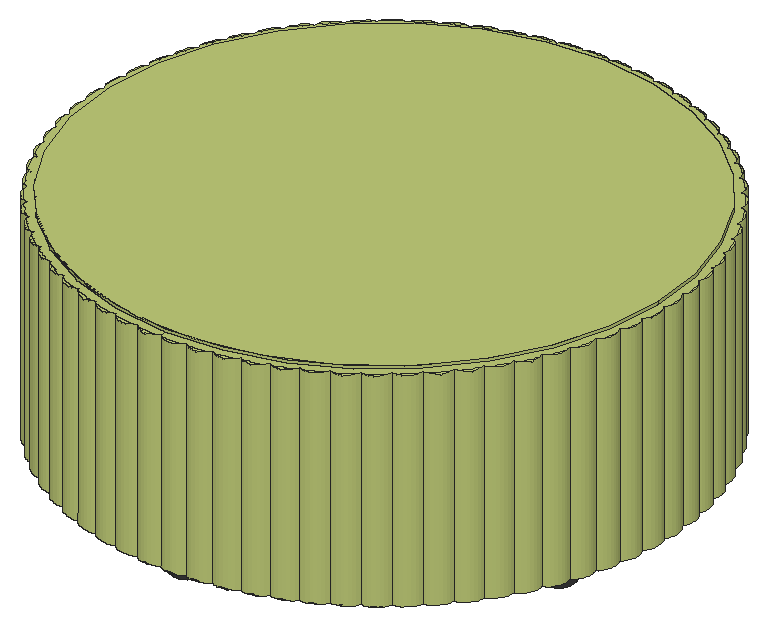
Revit family "Haworth_BuzziPouf_Round", category Furniture, Revit 2018
Family settings
  OmniClass Number = 23.40.70.14.64.21
  OmniClass Title = Systems Furniture
  Work Plane-Based = No
  Always vertical = Yes
  Cut with Voids When Loaded = No
  Shared = No
  Room Calculation Point = No
Parameters (values of type "HCBZ-PFPR-32")
  Warranty = "http://www.haworth.com/resources/product-info/warranties"
  Void Length = if(Flat, 3", 20")  # 20"
  Upholstery Finish [instance] = Haworth _ Fabric _ Trevira CS _ Pistache BCS-7009
  URL - Product = "https://www.haworth.com/products/seating/acoustic-seating/buzzipouf"
  URL = "http://www.haworth.com/our-brands/haworth-collection"
  Size = "Verify Final Dim. w/ Haworth"  # constant formula
  Revision Number = "1"  # constant formula
  Model = "HCBZ-PFPR"  # constant formula
  Manufacturer = "Haworth"  # constant formula
  Flat = not([3D])  # no
  Description = "Haworth BuzziPouf 3D Round Pouf"
  Base Finish = Haworth _ Paint _ Black BTR-9005
  Author = "Haworth (Abd Rahman)"  # constant formula
  Assembly Code = "E2020200"
  Actual Width = Actual Depth  # 36.60938"
  Actual Height = 14.96094"  # constant formula
  Actual Depth = if(Flat, 36.21875", 36.60938")  # 36.60938"
  3D = yes
Types (2): name | Void Length | Flat | Description | Actual Width | Actual Depth | 3D
  HCBZ-PFPR-F2 | 3" | yes | "Haworth BuzziPouf Flat Round Pouf" | 36.21875" | 36.21875" | no
  HCBZ-PFPR-32 | 20" | no | "Haworth BuzziPouf 3D Round Pouf" | 36.60938" | 36.60938" | yes
Reference planes (in)
  plane 1 "Center F/B": y = 1.75
  plane 2: z = 0
  plane 3 "Top": z = 14.96094
  plane 4: x = 22.46038
  plane 5 "Base": z = 0.75
  plane 6: z = 1.3149
  plane 7 "Void 2": z = 20.75
  plane 8 "Void 1": z = 0.75
  plane 9: x = 4.15569
  plane 10: x = 40.76506
  plane 11: y = 20.05469
  plane 12: y = -16.55469
  plane 13: z = 14.77448
Forms (in)
  Revolve 1, solid, material "Haworth _ Fabric _ Trevira CS _ Pistache BCS-7009" <- "Upholstery Finish"
    sketch origin (22.48341, 0.04996, 0) x (0, 1, 0) y (0, 0, 1)
      loop
        line (1.70004, 14.77448) -> (1.70004, 1.3149) -> (20.00324, 1.3149)
        arc (20.00324, 1.3149) -> (20.1662, 1.3824) -> (20.2337, 1.54536) r 0.23047
        line (20.2337, 1.54536) -> (20.2348, 14.54483)
        arc (20.2348, 14.54483) -> (20.16755, 14.70722) -> (20.00517, 14.77448) r 0.22963
        line (20.00517, 14.77448) -> (1.70004, 14.77448)
      axis (1.70004, 1.3149) -> (1.70004, 14.77448)
    angle from 0 to 360
  Extrusion 2, solid, material "Haworth _ Paint _ Black BTR-9005" <- "Base Finish"
    sketch origin (0, 0.03125, 0) x (1, 0, 0) y (0, 1, 0)
      loop
        circle (22.46038, 1.71875) r 16.94834
    from 0.75 to 1.3149
  Revolve 3, solid, material "Haworth _ Paint _ Black BTR-9005" <- "Base Finish"
    sketch origin (43.38256, -3.18226, 0) x (1, 0, 0) y (0, 0, 1)
      loop
        line (-36.19149, 0.75) -> (-36.19149, 0) -> (-35.57823, 0)
        arc (-35.57823, 0) -> (-35.15174, 0.25677) -> (-35.08433, 0.75) r 0.57641
        line (-35.08433, 0.75) -> (-36.19149, 0.75)
      axis (-36.19149, 0.75) -> (-36.19149, 0)
    angle from 0 to 360
  Revolve 4, solid, material "Haworth _ Paint _ Black BTR-9005" <- "Base Finish"
    sketch origin (1.53819, -3.15101, 0) x (-1, 0, 0) y (0, 0, -1)
      loop
        line (-36.19149, -0.75) -> (-35.08433, -0.75)
        arc (-35.08433, -0.75) -> (-35.15174, -0.25677) -> (-35.57823, 0) r 0.57641
        line (-35.57823, 0) -> (-36.19149, 0) -> (-36.19149, -0.75)
      axis (-36.19149, -0.75) -> (-36.19149, 0)
    angle from 0 to 360
  Revolve 5, solid, material "Haworth _ Paint _ Black BTR-9005" <- "Base Finish"
    sketch origin (58.65187, -14.26805, 0) x (1, 0, 0) y (0, 0, 1)
      loop
        line (-36.19149, 0.75) -> (-36.19149, 0) -> (-35.57823, 0)
        arc (-35.57823, 0) -> (-35.15174, 0.25677) -> (-35.08433, 0.75) r 0.57641
        line (-35.08433, 0.75) -> (-36.19149, 0.75)
      axis (-36.19149, 0.75) -> (-36.19149, 0)
    angle from 0 to 360
  Revolve 6, solid, material "Haworth _ Paint _ Black BTR-9005" <- "Base Finish"
    sketch origin (68.08901, 14.79072, 0) x (1, 0, 0) y (0, 0, 1)
      loop
        line (-36.19149, 0.75) -> (-36.19149, 0) -> (-35.57823, 0)
        arc (-35.57823, 0) -> (-35.15174, 0.25677) -> (-35.08433, 0.75) r 0.57641
        line (-35.08433, 0.75) -> (-36.19149, 0.75)
      axis (-36.19149, 0.75) -> (-36.19149, 0)
    angle from 0 to 360
  Revolve 7, solid, material "Haworth _ Paint _ Black BTR-9005" <- "Base Finish"
    sketch origin (-23.16825, 14.79072, 0) x (-1, 0, 0) y (0, 0, -1)
      loop
        line (-36.19149, -0.75) -> (-35.08433, -0.75)
        arc (-35.08433, -0.75) -> (-35.15174, -0.25677) -> (-35.57823, 0) r 0.57641
        line (-35.57823, 0) -> (-36.19149, 0) -> (-36.19149, -0.75)
      axis (-36.19149, -0.75) -> (-36.19149, 0)
    angle from 0 to 360
  Extrusion 8, void
    sketch origin (0, 0, 0) x (1, 0, 0) y (0, 1, 0)
      loop
        arc (22.46038, 19.91139) -> (21.65704, 20.19693) -> (20.88178, 19.84218) r 1.13416
        arc (20.88178, 19.84218) -> (20.05624, 20.05944) -> (19.31519, 19.63568) r 1.12708
        arc (19.31519, 19.63568) -> (18.474, 19.77221) -> (17.77484, 19.28498) r 1.13522
        arc (17.77484, 19.28498) -> (16.92375, 19.36206) -> (16.26645, 18.81592) r 1.11897
        arc (16.26645, 18.81592) -> (15.41301, 18.81341) -> (14.80565, 18.21384) r 1.12789
        arc (14.80565, 18.21384) -> (13.95997, 18.12628) -> (13.40544, 17.48182) r 1.15024
        arc (13.40544, 17.48182) -> (12.56754, 17.32785) -> (12.07124, 16.63541) r 1.13814
        arc (12.07124, 16.63541) -> (11.24827, 16.41) -> (10.81778, 15.67328) r 1.12955
        arc (10.81778, 15.67328) -> (10.02055, 15.37399) -> (9.65245, 14.6061) r 1.14125
        arc (9.65245, 14.6061) -> (8.88387, 14.23868) -> (8.58507, 13.44092) r 1.1391
        arc (8.58507, 13.44092) -> (7.8439, 13.01306) -> (7.6256, 12.18557) r 1.1129
        arc (7.6256, 12.18557) -> (6.92876, 11.69288) -> (6.77673, 10.8531) r 1.12748
        arc (6.77673, 10.8531) -> (6.11838, 10.30588) -> (6.04448, 9.45299) r 1.11115
        arc (6.04448, 9.45299) -> (5.44605, 8.84511) -> (5.44261, 7.99209) r 1.13074
        arc (5.44261, 7.99209) -> (4.89837, 7.33421) -> (4.97356, 6.4837) r 1.12382
        arc (4.97356, 6.4837) -> (4.48281, 5.78539) -> (4.62261, 4.9434) r 1.12645
        arc (4.62261, 4.9434) -> (4.20093, 4.20197) -> (4.41661, 3.37674) r 1.13172
        arc (4.41661, 3.37674) -> (4.07373, 2.58251) -> (4.30887, 1.75) r 1.29189
        arc (4.30887, 1.75) -> (4.07373, 0.91749) -> (4.41661, 0.12326) r 1.29189
        arc (4.41661, 0.12326) -> (4.20093, -0.70197) -> (4.62261, -1.4434) r 1.13172
        arc (4.62261, -1.4434) -> (4.48281, -2.28539) -> (4.97356, -2.9837) r 1.12645
        arc (4.97356, -2.9837) -> (4.89837, -3.83421) -> (5.44261, -4.49209) r 1.12382
        arc (5.44261, -4.49209) -> (5.44605, -5.34511) -> (6.04448, -5.95299) r 1.13074
        arc (6.04448, -5.95299) -> (6.11838, -6.80588) -> (6.77673, -7.3531) r 1.11115
        arc (6.77673, -7.3531) -> (6.92876, -8.19288) -> (7.6256, -8.68557) r 1.12748
        arc (7.6256, -8.68557) -> (7.8439, -9.51306) -> (8.58507, -9.94092) r 1.1129
        arc (8.58507, -9.94092) -> (8.88387, -10.73868) -> (9.65245, -11.1061) r 1.1391
        arc (9.65245, -11.1061) -> (10.02055, -11.87399) -> (10.81778, -12.17328) r 1.14125
        arc (10.81778, -12.17328) -> (11.24827, -12.91) -> (12.07124, -13.13541) r 1.12955
        arc (12.07124, -13.13541) -> (12.56754, -13.82785) -> (13.40544, -13.98182) r 1.13814
        arc (13.40544, -13.98182) -> (13.95997, -14.62628) -> (14.80565, -14.71384) r 1.15024
        arc (14.80565, -14.71384) -> (15.41301, -15.31341) -> (16.26645, -15.31592) r 1.12789
        arc (16.26645, -15.31592) -> (16.92375, -15.86206) -> (17.77484, -15.78498) r 1.11897
        arc (17.77484, -15.78498) -> (18.474, -16.27221) -> (19.31519, -16.13568) r 1.13522
        arc (19.31519, -16.13568) -> (20.05624, -16.55944) -> (20.88178, -16.34218) r 1.12708
        arc (20.88178, -16.34218) -> (21.65704, -16.69693) -> (22.46038, -16.41139) r 1.13416
        arc (22.46038, -16.41139) -> (23.26371, -16.69693) -> (24.03897, -16.34218) r 1.13416
        arc (24.03897, -16.34218) -> (24.86452, -16.55944) -> (25.60557, -16.13568) r 1.12708
        arc (25.60557, -16.13568) -> (26.44675, -16.27221) -> (27.14591, -15.78498) r 1.13522
        arc (27.14591, -15.78498) -> (27.99701, -15.86206) -> (28.6543, -15.31592) r 1.11897
        arc (28.6543, -15.31592) -> (29.50774, -15.31341) -> (30.1151, -14.71384) r 1.12789
        arc (30.1151, -14.71384) -> (30.96078, -14.62628) -> (31.51531, -13.98182) r 1.15024
        arc (31.51531, -13.98182) -> (32.35321, -13.82785) -> (32.84951, -13.13541) r 1.13814
        arc (32.84951, -13.13541) -> (33.67248, -12.91) -> (34.10297, -12.17328) r 1.12955
        arc (34.10297, -12.17328) -> (34.90021, -11.87399) -> (35.26831, -11.1061) r 1.14125
        arc (35.26831, -11.1061) -> (36.03688, -10.73868) -> (36.33568, -9.94092) r 1.1391
        arc (36.33568, -9.94092) -> (37.07685, -9.51306) -> (37.29515, -8.68557) r 1.1129
        arc (37.29515, -8.68557) -> (37.992, -8.19288) -> (38.14402, -7.3531) r 1.12748
        arc (38.14402, -7.3531) -> (38.80238, -6.80588) -> (38.87627, -5.95299) r 1.11115
        arc (38.87627, -5.95299) -> (39.47471, -5.34511) -> (39.47814, -4.49209) r 1.13074
        arc (39.47814, -4.49209) -> (40.02238, -3.83421) -> (39.94719, -2.9837) r 1.12382
        arc (39.94719, -2.9837) -> (40.43794, -2.28539) -> (40.29814, -1.4434) r 1.12645
        arc (40.29814, -1.4434) -> (40.71983, -0.70197) -> (40.50414, 0.12326) r 1.13172
        arc (40.50414, 0.12326) -> (40.84702, 0.91749) -> (40.61188, 1.75) r 1.29189
        arc (40.61188, 1.75) -> (40.84702, 2.58251) -> (40.50414, 3.37674) r 1.29189
        arc (40.50414, 3.37674) -> (40.71983, 4.20197) -> (40.29814, 4.9434) r 1.13172
        arc (40.29814, 4.9434) -> (40.43794, 5.78539) -> (39.94719, 6.4837) r 1.12645
        arc (39.94719, 6.4837) -> (40.02238, 7.33421) -> (39.47814, 7.99209) r 1.12382
        arc (39.47814, 7.99209) -> (39.47471, 8.84511) -> (38.87627, 9.45299) r 1.13074
        arc (38.87627, 9.45299) -> (38.80238, 10.30588) -> (38.14402, 10.8531) r 1.11115
        arc (38.14402, 10.8531) -> (37.992, 11.69288) -> (37.29515, 12.18557) r 1.12748
        arc (37.29515, 12.18557) -> (37.07685, 13.01306) -> (36.33568, 13.44092) r 1.1129
        arc (36.33568, 13.44092) -> (36.03688, 14.23868) -> (35.26831, 14.6061) r 1.1391
        arc (35.26831, 14.6061) -> (34.90021, 15.37399) -> (34.10297, 15.67328) r 1.14125
        arc (34.10297, 15.67328) -> (33.67248, 16.41) -> (32.84951, 16.63541) r 1.12955
        arc (32.84951, 16.63541) -> (32.35321, 17.32785) -> (31.51531, 17.48182) r 1.13814
        arc (31.51531, 17.48182) -> (30.96078, 18.12628) -> (30.1151, 18.21384) r 1.15024
        arc (30.1151, 18.21384) -> (29.50774, 18.81341) -> (28.6543, 18.81592) r 1.12789
        arc (28.6543, 18.81592) -> (27.99701, 19.36206) -> (27.14591, 19.28498) r 1.11897
        arc (27.14591, 19.28498) -> (26.44675, 19.77221) -> (25.60557, 19.63568) r 1.13522
        arc (25.60557, 19.63568) -> (24.86452, 20.05944) -> (24.03897, 19.84218) r 1.12708
        arc (24.03897, 19.84218) -> (23.26371, 20.19693) -> (22.46038, 19.91139) r 1.13416
      loop
        line (1.28873, 23.77414) -> (1.28873, -20.22586) -> (45.28873, -20.22586) -> (45.28873, 23.77414) -> (1.28873, 23.77414)
    from 0.75 to 20.75
  Extrusion 9, solid, material "Haworth _ Fabric _ Trevira CS _ Pistache BCS-7009" <- "Upholstery Finish"
    sketch origin (0, 0, 0) x (1, 0, 0) y (0, 1, 0)
      loop
        circle (22.46038, 1.75) r 17.77691
    from 14.77448 to 14.96094
Cuts and joins
  Extrusion 8 cuts Revolve 1
Lines and regions (in)
  Masking region 1
    outline origin (0, 0, 0) x (1, 0, 0) y (0, 1, 0)
      loop
        circle (22.46038, 1.75) r 18.1524
  symbolic lines, visible <- "3D"
    curve 1: arc (20.88178, 19.84218, 0) -> (21.65704, 20.19693, 0) -> (22.46038, 19.91139, 0) r 1.13416
    curve 2: arc (19.31519, 19.63568, 0) -> (20.05624, 20.05944, 0) -> (20.88178, 19.84218, 0) r 1.12708
    curve 3: arc (17.77484, 19.28498, 0) -> (18.474, 19.77221, 0) -> (19.31519, 19.63568, 0) r 1.13522
    curve 4: arc (16.26645, 18.81592, 0) -> (16.92375, 19.36206, 0) -> (17.77484, 19.28498, 0) r 1.11897
    curve 5: arc (22.46038, 19.91139, 0) -> (23.26371, 20.19693, 0) -> (24.03897, 19.84218, 0) r 1.13416
    curve 6: arc (24.03897, 19.84218, 0) -> (24.86452, 20.05944, 0) -> (25.60557, 19.63568, 0) r 1.12708
    curve 7: arc (25.60557, 19.63568, 0) -> (26.44675, 19.77221, 0) -> (27.14591, 19.28498, 0) r 1.13522
    curve 8: arc (27.14591, 19.28498, 0) -> (27.99701, 19.36206, 0) -> (28.6543, 18.81592, 0) r 1.11897
    curve 9: arc (28.6543, 18.81592, 0) -> (29.50774, 18.81341, 0) -> (30.1151, 18.21384, 0) r 1.12789
    curve 10: arc (14.80565, 18.21384, 0) -> (15.41301, 18.81341, 0) -> (16.26645, 18.81592, 0) r 1.12789
    curve 11: arc (13.40544, 17.48182, 0) -> (13.95997, 18.12628, 0) -> (14.80565, 18.21384, 0) r 1.15024
    curve 12: arc (12.07124, 16.63541, 0) -> (12.56754, 17.32785, 0) -> (13.40544, 17.48182, 0) r 1.13814
    curve 13: arc (10.81778, 15.67328, 0) -> (11.24827, 16.41, 0) -> (12.07124, 16.63541, 0) r 1.12955
    curve 14: arc (9.65245, 14.6061, 0) -> (10.02055, 15.37399, 0) -> (10.81778, 15.67328, 0) r 1.14125
    curve 15: arc (8.58507, 13.44092, 0) -> (8.88387, 14.23868, 0) -> (9.65245, 14.6061, 0) r 1.1391
    curve 16: arc (7.6256, 12.18557, 0) -> (7.8439, 13.01306, 0) -> (8.58507, 13.44092, 0) r 1.1129
    curve 17: arc (30.1151, 18.21384, 0) -> (30.96078, 18.12628, 0) -> (31.51531, 17.48182, 0) r 1.15024
    curve 18: arc (31.51531, 17.48182, 0) -> (32.35321, 17.32785, 0) -> (32.84951, 16.63541, 0) r 1.13814
    curve 19: arc (32.84951, 16.63541, 0) -> (33.67248, 16.41, 0) -> (34.10297, 15.67328, 0) r 1.12955
    curve 20: arc (34.10297, 15.67328, 0) -> (34.90021, 15.37399, 0) -> (35.26831, 14.6061, 0) r 1.14125
    curve 21: arc (35.26831, 14.6061, 0) -> (36.03688, 14.23868, 0) -> (36.33568, 13.44092, 0) r 1.1391
    curve 22: arc (36.33568, 13.44092, 0) -> (37.07685, 13.01306, 0) -> (37.29515, 12.18557, 0) r 1.1129
    curve 23: arc (37.29515, 12.18557, 0) -> (37.992, 11.69288, 0) -> (38.14402, 10.8531, 0) r 1.12748
    curve 24: arc (38.14402, 10.8531, 0) -> (38.80238, 10.30588, 0) -> (38.87627, 9.45299, 0) r 1.11115
    curve 25: arc (38.87627, 9.45299, 0) -> (39.47471, 8.84511, 0) -> (39.47814, 7.99209, 0) r 1.13074
    curve 26: arc (39.47814, 7.99209, 0) -> (40.02238, 7.33421, 0) -> (39.94719, 6.4837, 0) r 1.12382
    curve 27: arc (39.94719, 6.4837, 0) -> (40.43794, 5.78539, 0) -> (40.29814, 4.9434, 0) r 1.12645
    curve 28: arc (40.29814, 4.9434, 0) -> (40.71983, 4.20197, 0) -> (40.50414, 3.37674, 0) r 1.13172
    curve 29: arc (40.50414, 3.37674, 0) -> (40.84702, 2.58251, 0) -> (40.61188, 1.75, 0) r 1.29189
    curve 30: arc (4.30887, 1.75, 0) -> (4.07373, 2.58251, 0) -> (4.41661, 3.37674, 0) r 1.29189
    curve 31: arc (4.41661, 3.37674, 0) -> (4.20093, 4.20197, 0) -> (4.62261, 4.9434, 0) r 1.13172
    curve 32: arc (4.62261, 4.9434, 0) -> (4.48281, 5.78539, 0) -> (4.97356, 6.4837, 0) r 1.12645
    curve 33: arc (4.97356, 6.4837, 0) -> (4.89837, 7.33421, 0) -> (5.44261, 7.99209, 0) r 1.12382
    curve 34: arc (5.44261, 7.99209, 0) -> (5.44605, 8.84511, 0) -> (6.04448, 9.45299, 0) r 1.13074
    curve 35: arc (6.04448, 9.45299, 0) -> (6.11838, 10.30588, 0) -> (6.77673, 10.8531, 0) r 1.11115
    curve 36: arc (6.77673, 10.8531, 0) -> (6.92876, 11.69288, 0) -> (7.6256, 12.18557, 0) r 1.12748
    curve 37: arc (4.41661, 0.12326, 0) -> (4.07373, 0.91749, 0) -> (4.30887, 1.75, 0) r 1.29189
    curve 38: arc (4.62261, -1.4434, 0) -> (4.20093, -0.70197, 0) -> (4.41661, 0.12326, 0) r 1.13172
    curve 39: arc (4.97356, -2.9837, 0) -> (4.48281, -2.28539, 0) -> (4.62261, -1.4434, 0) r 1.12645
    curve 40: arc (5.44261, -4.49209, 0) -> (4.89837, -3.83421, 0) -> (4.97356, -2.9837, 0) r 1.12382
    curve 41: arc (6.04448, -5.95299, 0) -> (5.44605, -5.34511, 0) -> (5.44261, -4.49209, 0) r 1.13074
    curve 42: arc (6.77673, -7.3531, 0) -> (6.11838, -6.80588, 0) -> (6.04448, -5.95299, 0) r 1.11115
    curve 43: arc (7.6256, -8.68557, 0) -> (6.92876, -8.19288, 0) -> (6.77673, -7.3531, 0) r 1.12748
    curve 44: arc (8.58507, -9.94092, 0) -> (7.8439, -9.51306, 0) -> (7.6256, -8.68557, 0) r 1.1129
    curve 45: arc (9.65245, -11.1061, 0) -> (8.88387, -10.73868, 0) -> (8.58507, -9.94092, 0) r 1.1391
    curve 46: arc (10.81778, -12.17328, 0) -> (10.02055, -11.87399, 0) -> (9.65245, -11.1061, 0) r 1.14125
    curve 47: arc (12.07124, -13.13541, 0) -> (11.24827, -12.91, 0) -> (10.81778, -12.17328, 0) r 1.12955
    curve 48: arc (13.40544, -13.98182, 0) -> (12.56754, -13.82785, 0) -> (12.07124, -13.13541, 0) r 1.13814
    curve 49: arc (14.80565, -14.71384, 0) -> (13.95997, -14.62628, 0) -> (13.40544, -13.98182, 0) r 1.15024
    curve 50: arc (16.26645, -15.31592, 0) -> (15.41301, -15.31341, 0) -> (14.80565, -14.71384, 0) r 1.12789
    curve 51: arc (17.77484, -15.78498, 0) -> (16.92375, -15.86206, 0) -> (16.26645, -15.31592, 0) r 1.11897
    curve 52: arc (19.31519, -16.13568, 0) -> (18.474, -16.27221, 0) -> (17.77484, -15.78498, 0) r 1.13522
    curve 53: arc (20.88178, -16.34218, 0) -> (20.05624, -16.55944, 0) -> (19.31519, -16.13568, 0) r 1.12708
    curve 54: arc (22.46038, -16.41139, 0) -> (21.65704, -16.69693, 0) -> (20.88178, -16.34218, 0) r 1.13416
    curve 55: arc (24.03897, -16.34218, 0) -> (23.26371, -16.69693, 0) -> (22.46038, -16.41139, 0) r 1.13416
    curve 56: arc (25.60557, -16.13568, 0) -> (24.86452, -16.55944, 0) -> (24.03897, -16.34218, 0) r 1.12708
    curve 57: arc (27.14591, -15.78498, 0) -> (26.44675, -16.27221, 0) -> (25.60557, -16.13568, 0) r 1.13522
    curve 58: arc (28.6543, -15.31592, 0) -> (27.99701, -15.86206, 0) -> (27.14591, -15.78498, 0) r 1.11897
    curve 59: arc (30.1151, -14.71384, 0) -> (29.50774, -15.31341, 0) -> (28.6543, -15.31592, 0) r 1.12789
    curve 60: arc (31.51531, -13.98182, 0) -> (30.96078, -14.62628, 0) -> (30.1151, -14.71384, 0) r 1.15024
    curve 61: arc (32.84951, -13.13541, 0) -> (32.35321, -13.82785, 0) -> (31.51531, -13.98182, 0) r 1.13814
    curve 62: arc (34.10297, -12.17328, 0) -> (33.67248, -12.91, 0) -> (32.84951, -13.13541, 0) r 1.12955
    curve 63: arc (35.26831, -11.1061, 0) -> (34.90021, -11.87399, 0) -> (34.10297, -12.17328, 0) r 1.14125
    curve 64: arc (36.33568, -9.94092, 0) -> (36.03688, -10.73868, 0) -> (35.26831, -11.1061, 0) r 1.1391
    curve 65: arc (37.29515, -8.68557, 0) -> (37.07685, -9.51306, 0) -> (36.33568, -9.94092, 0) r 1.1129
    curve 66: arc (38.14402, -7.3531, 0) -> (37.992, -8.19288, 0) -> (37.29515, -8.68557, 0) r 1.12748
    curve 67: arc (38.87627, -5.95299, 0) -> (38.80238, -6.80588, 0) -> (38.14402, -7.3531, 0) r 1.11115
    curve 68: arc (39.47814, -4.49209, 0) -> (39.47471, -5.34511, 0) -> (38.87627, -5.95299, 0) r 1.13074
    curve 69: arc (39.94719, -2.9837, 0) -> (40.02238, -3.83421, 0) -> (39.47814, -4.49209, 0) r 1.12382
    curve 70: arc (40.29814, -1.4434, 0) -> (40.43794, -2.28539, 0) -> (39.94719, -2.9837, 0) r 1.12645
    curve 71: arc (40.50414, 0.12326, 0) -> (40.71983, -0.70197, 0) -> (40.29814, -1.4434, 0) r 1.13172
    curve 72: arc (40.61188, 1.75, 0) -> (40.84702, 0.91749, 0) -> (40.50414, 0.12326, 0) r 1.29189
Dimensions and locks (in)
  "Actual Height": plane 3 "Top" to level
  "Void Length": plane 7 "Void 2" to plane 8 "Void 1"
  plane 11 to plane 1 "Center F/B" to plane 12 = 18.30469", 18.30469"
  "Actual Depth": plane 11 to plane 12
  plane 9 to plane 4 to plane 10 = 18.30469", 18.30469"
  "Actual Width": plane 9 to plane 10
  locked: plane 3 "Top" to plane 13 at 0.18646
  plane 6 to plane 5 "Base" to plane 2 = 0.5649" locked, 0.75" locked
  aligned and locked: Revolve 1 sketch curve to plane 6
  aligned and locked: Revolve 1 sketch curve to Revolve 1 sketch curve
  aligned and locked: Extrusion 2 to plane 5 "Base"
  aligned and locked: Extrusion 2 to plane 6
  aligned and locked: plane 3 "Top" to Revolve 1 sketch curve
  aligned and locked: Extrusion 8 to plane 7 "Void 2"
  aligned and locked: Extrusion 8 to plane 8 "Void 1"
  aligned and locked: plane 13 to Revolve 1 sketch curve
  aligned and locked: plane 3 "Top" to Extrusion 9
  aligned and locked: Extrusion 9 to cut or joined group of Revolve 1, Extrusion 8
  aligned and locked: Extrusion 9 to plane 3 "Top"
  aligned and locked: plane 13 to Extrusion 9
  aligned and locked: plane 4 to Extrusion 9 sketch curve
  aligned and locked: plane 1 "Center F/B" to Extrusion 9 sketch curve
  aligned and locked: plane 4 to Extrusion 2 sketch curve
  aligned and locked: plane 1 "Center F/B" to Extrusion 2 sketch curve
  aligned and locked: curve 1 to cut or joined group of Revolve 1, Extrusion 8
  aligned and locked: curve 2 to cut or joined group of Revolve 1, Extrusion 8
  aligned and locked: curve 3 to cut or joined group of Revolve 1, Extrusion 8
  aligned and locked: curve 4 to cut or joined group of Revolve 1, Extrusion 8
  aligned and locked: curve 5 to cut or joined group of Revolve 1, Extrusion 8
  aligned and locked: curve 6 to cut or joined group of Revolve 1, Extrusion 8
  aligned and locked: curve 7 to cut or joined group of Revolve 1, Extrusion 8
  aligned and locked: curve 8 to cut or joined group of Revolve 1, Extrusion 8
  aligned and locked: curve 9 to cut or joined group of Revolve 1, Extrusion 8
  aligned and locked: curve 10 to cut or joined group of Revolve 1, Extrusion 8
  aligned and locked: curve 11 to cut or joined group of Revolve 1, Extrusion 8
  aligned and locked: curve 12 to cut or joined group of Revolve 1, Extrusion 8
  aligned and locked: curve 13 to cut or joined group of Revolve 1, Extrusion 8
  aligned and locked: curve 14 to cut or joined group of Revolve 1, Extrusion 8
  aligned and locked: curve 15 to cut or joined group of Revolve 1, Extrusion 8
  aligned and locked: curve 16 to cut or joined group of Revolve 1, Extrusion 8
  aligned and locked: curve 17 to cut or joined group of Revolve 1, Extrusion 8
  aligned and locked: curve 18 to cut or joined group of Revolve 1, Extrusion 8
  aligned and locked: curve 19 to cut or joined group of Revolve 1, Extrusion 8
  aligned and locked: curve 20 to cut or joined group of Revolve 1, Extrusion 8
  aligned and locked: curve 21 to cut or joined group of Revolve 1, Extrusion 8
  aligned and locked: curve 22 to cut or joined group of Revolve 1, Extrusion 8
  aligned and locked: curve 23 to cut or joined group of Revolve 1, Extrusion 8
  aligned and locked: curve 24 to cut or joined group of Revolve 1, Extrusion 8
  aligned and locked: curve 25 to cut or joined group of Revolve 1, Extrusion 8
  aligned and locked: curve 26 to cut or joined group of Revolve 1, Extrusion 8
  aligned and locked: curve 27 to cut or joined group of Revolve 1, Extrusion 8
  aligned and locked: curve 28 to cut or joined group of Revolve 1, Extrusion 8
  aligned and locked: curve 29 to cut or joined group of Revolve 1, Extrusion 8
  aligned and locked: curve 30 to cut or joined group of Revolve 1, Extrusion 8
  aligned and locked: curve 31 to cut or joined group of Revolve 1, Extrusion 8
  aligned and locked: curve 32 to cut or joined group of Revolve 1, Extrusion 8
  aligned and locked: curve 33 to cut or joined group of Revolve 1, Extrusion 8
  aligned and locked: curve 34 to cut or joined group of Revolve 1, Extrusion 8
  aligned and locked: curve 35 to cut or joined group of Revolve 1, Extrusion 8
  aligned and locked: curve 36 to cut or joined group of Revolve 1, Extrusion 8
  aligned and locked: curve 37 to cut or joined group of Revolve 1, Extrusion 8
  aligned and locked: curve 38 to cut or joined group of Revolve 1, Extrusion 8
  aligned and locked: curve 39 to cut or joined group of Revolve 1, Extrusion 8
  aligned and locked: curve 40 to cut or joined group of Revolve 1, Extrusion 8
  aligned and locked: curve 41 to cut or joined group of Revolve 1, Extrusion 8
  aligned and locked: curve 42 to cut or joined group of Revolve 1, Extrusion 8
  aligned and locked: curve 43 to cut or joined group of Revolve 1, Extrusion 8
  aligned and locked: curve 44 to cut or joined group of Revolve 1, Extrusion 8
  aligned and locked: curve 45 to cut or joined group of Revolve 1, Extrusion 8
  aligned and locked: curve 46 to cut or joined group of Revolve 1, Extrusion 8
  aligned and locked: curve 47 to cut or joined group of Revolve 1, Extrusion 8
  aligned and locked: curve 48 to cut or joined group of Revolve 1, Extrusion 8
  aligned and locked: curve 49 to cut or joined group of Revolve 1, Extrusion 8
  aligned and locked: curve 50 to cut or joined group of Revolve 1, Extrusion 8
  aligned and locked: curve 51 to cut or joined group of Revolve 1, Extrusion 8
  aligned and locked: curve 52 to cut or joined group of Revolve 1, Extrusion 8
  aligned and locked: curve 53 to cut or joined group of Revolve 1, Extrusion 8
  aligned and locked: curve 54 to cut or joined group of Revolve 1, Extrusion 8
  aligned and locked: curve 55 to cut or joined group of Revolve 1, Extrusion 8
  aligned and locked: curve 56 to cut or joined group of Revolve 1, Extrusion 8
  aligned and locked: curve 57 to cut or joined group of Revolve 1, Extrusion 8
  aligned and locked: curve 58 to cut or joined group of Revolve 1, Extrusion 8
  aligned and locked: curve 59 to cut or joined group of Revolve 1, Extrusion 8
  aligned and locked: curve 60 to cut or joined group of Revolve 1, Extrusion 8
  aligned and locked: curve 61 to cut or joined group of Revolve 1, Extrusion 8
  aligned and locked: curve 62 to cut or joined group of Revolve 1, Extrusion 8
  aligned and locked: curve 63 to cut or joined group of Revolve 1, Extrusion 8
  aligned and locked: curve 64 to cut or joined group of Revolve 1, Extrusion 8
  aligned and locked: curve 65 to cut or joined group of Revolve 1, Extrusion 8
  aligned and locked: curve 66 to cut or joined group of Revolve 1, Extrusion 8
  aligned and locked: curve 67 to cut or joined group of Revolve 1, Extrusion 8
  aligned and locked: curve 68 to cut or joined group of Revolve 1, Extrusion 8
  aligned and locked: curve 69 to cut or joined group of Revolve 1, Extrusion 8
  aligned and locked: curve 70 to cut or joined group of Revolve 1, Extrusion 8
  aligned and locked: curve 71 to cut or joined group of Revolve 1, Extrusion 8
  aligned and locked: curve 72 to cut or joined group of Revolve 1, Extrusion 8
Automatic sketch dimensions
  Revolve 1 sketch curve to plane 1 "Center F/B" = 0"
  plane 6 to Revolve 1 sketch curve = 0"
  Revolve 1 sketch curve to Revolve 1 sketch curve = 0.22963"
  plane 6 to Revolve 1 sketch curve = 0.23045"
  plane 3 "Top" to Revolve 1 sketch curve = 0.41611"
  Revolve 3 sketch curve to plane 5 "Base" = 0"  (x2)
  Revolve 3 sketch curve to level = 0"  (x2)
  Revolve 3 sketch curve to plane 5 "Base" = 0.17621"
  Revolve 3 sketch curve to Revolve 3 sketch curve = 0.55835"
  Revolve 3 sketch curve to Revolve 3 sketch curve = 0.05492"
  Revolve 3 sketch curve to Revolve 3 sketch curve = 0"
  Revolve 4 sketch curve to plane 5 "Base" = 0"  (x2)
  Revolve 4 sketch curve to level = 0"  (x2)
  Revolve 4 sketch curve to plane 5 "Base" = 0.17621"
  Revolve 4 sketch curve to Revolve 4 sketch curve = 0.55835"
  Revolve 4 sketch curve to Revolve 4 sketch curve = 0.05492"
  Revolve 4 sketch curve to Revolve 4 sketch curve = 0"
  Revolve 5 sketch curve to plane 5 "Base" = 0"  (x2)
  Revolve 5 sketch curve to level = 0"  (x2)
  Revolve 5 sketch curve to plane 4 = 0"
  Revolve 5 sketch curve to plane 5 "Base" = 0.17621"
  Revolve 5 sketch curve to Revolve 5 sketch curve = 0.55835"
  Revolve 5 sketch curve to Revolve 5 sketch curve = 0.05492"
  Revolve 5 sketch curve to Revolve 5 sketch curve = 0"
  Revolve 6 sketch curve to plane 5 "Base" = 0"  (x2)
  Revolve 6 sketch curve to level = 0"  (x2)
  Revolve 6 sketch curve to plane 5 "Base" = 0.17621"
  Revolve 6 sketch curve to Revolve 6 sketch curve = 0.55835"
  Revolve 6 sketch curve to Revolve 6 sketch curve = 0.05492"
  Revolve 6 sketch curve to Revolve 6 sketch curve = 0"
  Revolve 7 sketch curve to plane 5 "Base" = 0"  (x2)
  Revolve 7 sketch curve to level = 0"  (x2)
  Revolve 7 sketch curve to plane 5 "Base" = 0.17621"
  Revolve 7 sketch curve to Revolve 7 sketch curve = 0.55835"
  Revolve 7 sketch curve to Revolve 7 sketch curve = 0.05492"
  Revolve 7 sketch curve to Revolve 7 sketch curve = 0"
  plane 1 "Center F/B" to Extrusion 8 sketch curve = 0"  (x2)
  Extrusion 8 sketch curve to plane 4 = 0"  (x2)
  plane 4 to Extrusion 8 sketch curve = 0.75366"  (x2)
  Extrusion 8 sketch curve to Extrusion 8 sketch curve = 1.50319"  (x4)
  Extrusion 8 sketch curve to Extrusion 8 sketch curve = 1.47751"  (x4)
  Extrusion 8 sketch curve to Extrusion 8 sketch curve = 1.47001"  (x4)
  Extrusion 8 sketch curve to Extrusion 8 sketch curve = 1.4132"  (x4)
  Extrusion 8 sketch curve to Extrusion 8 sketch curve = 1.34994"  (x4)
  Extrusion 8 sketch curve to Extrusion 8 sketch curve = 1.31565"  (x4)
  Extrusion 8 sketch curve to Extrusion 8 sketch curve = 1.24119"  (x4)
  Extrusion 8 sketch curve to Extrusion 8 sketch curve = 1.14474"  (x4)
  Extrusion 8 sketch curve to Extrusion 8 sketch curve = 1.06748"  (x4)
  Extrusion 8 sketch curve to Extrusion 8 sketch curve = 0.99571"  (x4)
  Extrusion 8 sketch curve to Extrusion 8 sketch curve = 0.84845"  (x4)
  Extrusion 8 sketch curve to Extrusion 8 sketch curve = 0.77667"  (x4)
  Extrusion 8 sketch curve to Extrusion 8 sketch curve = 0.61146"  (x4)
  Extrusion 8 sketch curve to Extrusion 8 sketch curve = 0.52003"  (x4)
  plane 1 "Center F/B" to Extrusion 8 sketch curve = 0.74714"  (x2)
  Extrusion 8 sketch curve to plane 4 = 0.75366"  (x2)
  Extrusion 8 sketch curve to Extrusion 8 sketch curve = 0.37176"  (x4)
  Extrusion 8 sketch curve to Extrusion 8 sketch curve = 0.52295"  (x4)
  Extrusion 8 sketch curve to Extrusion 8 sketch curve = 0.66368"  (x4)
  Extrusion 8 sketch curve to Extrusion 8 sketch curve = 0.74015"  (x4)
  Extrusion 8 sketch curve to Extrusion 8 sketch curve = 0.85281"  (x4)
  Extrusion 8 sketch curve to Extrusion 8 sketch curve = 0.98164"  (x4)
  Extrusion 8 sketch curve to Extrusion 8 sketch curve = 1.06311"  (x4)
  Extrusion 8 sketch curve to Extrusion 8 sketch curve = 1.13198"  (x4)
  Extrusion 8 sketch curve to Extrusion 8 sketch curve = 1.25017"  (x4)
  Extrusion 8 sketch curve to Extrusion 8 sketch curve = 1.29616"  (x4)
  Extrusion 8 sketch curve to Extrusion 8 sketch curve = 1.37654"  (x4)
  Extrusion 8 sketch curve to Extrusion 8 sketch curve = 1.41388"  (x4)
  Extrusion 8 sketch curve to Extrusion 8 sketch curve = 1.46536"  (x4)
  Extrusion 8 sketch curve to Extrusion 8 sketch curve = 1.48071"  (x4)
  Extrusion 8 sketch curve to plane 1 "Center F/B" = 0.74714"  (x2)
  Extrusion 8 sketch curve to Extrusion 8 sketch curve = 1.5573"  (x4)
  Extrusion 8 sketch curve to Extrusion 8 sketch curve = 0.67825"  (x4)
  Extrusion 8 sketch curve to Extrusion 8 sketch curve = 0.98956"  (x4)
  Extrusion 8 sketch curve to Extrusion 8 sketch curve = 1.03716"  (x4)
  Extrusion 8 sketch curve to Extrusion 8 sketch curve = 0.22821"  (x4)
  Extrusion 8 sketch curve to Extrusion 8 sketch curve = 0.1352"  (x4)
  Extrusion 8 sketch curve to Extrusion 8 sketch curve = 1.11826"  (x4)
  Extrusion 8 sketch curve to Extrusion 8 sketch curve = 0.07138"  (x4)
  Extrusion 8 sketch curve to Extrusion 8 sketch curve = 0.14305"  (x4)
  Extrusion 8 sketch curve to Extrusion 8 sketch curve = 1.10251"  (x4)
  Extrusion 8 sketch curve to Extrusion 8 sketch curve = 0.32627"  (x4)
  Extrusion 8 sketch curve to Extrusion 8 sketch curve = 1.05852"  (x4)
  Extrusion 8 sketch curve to Extrusion 8 sketch curve = 0.52889"  (x4)
  plane 4 to Revolve 3 sketch curve = 15.26931"
  plane 4 to Revolve 7 sketch curve = 9.43714"
  Extrusion 8 sketch curve to Extrusion 8 sketch curve = 0.60871"
  Extrusion 8 sketch curve to Extrusion 8 sketch curve = 0"  (x4)
  Extrusion 8 sketch curve to Extrusion 8 sketch curve = 0.0398"  (x2)
  Extrusion 8 sketch curve to Extrusion 8 sketch curve = 8.36372"
  Extrusion 8 sketch curve to Extrusion 8 sketch curve = 0.25812"  (x4)
  Extrusion 8 sketch curve to Extrusion 8 sketch curve = 0.99795"  (x4)
  Extrusion 8 sketch curve to Extrusion 8 sketch curve = 0.9585"  (x4)
  Extrusion 8 sketch curve to Extrusion 8 sketch curve = 0.90638"  (x4)
  Revolve 4 sketch curve to plane 4 = 15.26931"
  Revolve 6 sketch curve to plane 4 = 9.43714"
  Extrusion 8 sketch curve to Extrusion 8 sketch curve = 0.3904"  (x2)
  Extrusion 8 sketch curve to Extrusion 8 sketch curve = 0.21832"
  Extrusion 8 sketch curve to Extrusion 8 sketch curve = 10.02042"
  plane 6 to Revolve 1 sketch curve = 0.23047"
  plane 1 "Center F/B" to Revolve 1 sketch curve = 18.3032"
  Revolve 1 sketch curve to Revolve 1 sketch curve = 0.00194"
  Extrusion 8 sketch curve to Extrusion 8 sketch curve = 0.27671"  (x4)
  Extrusion 8 sketch curve to Extrusion 8 sketch curve = 0.12182"  (x2)
  Extrusion 8 sketch curve to Extrusion 8 sketch curve = 9.16805"
  Extrusion 8 sketch curve to Extrusion 8 sketch curve = 1.05393"
  Extrusion 8 sketch curve to Extrusion 8 sketch curve = 0.51883"  (x2)
  Extrusion 8 sketch curve to Extrusion 8 sketch curve = 0.88834"  (x4)
  Extrusion 8 sketch curve to Extrusion 8 sketch curve = 9.11976"  (x8)
  plane 1 "Center F/B" to Masking region 1 sketch curve = 0"
  Masking region 1 sketch curve to plane 4 = 0"
  radius of Extrusion 9 sketch curve = 17.77691"
  radius of Extrusion 2 sketch curve = 16.94834"
  radius of Masking region 1 sketch curve = 18.1524"
